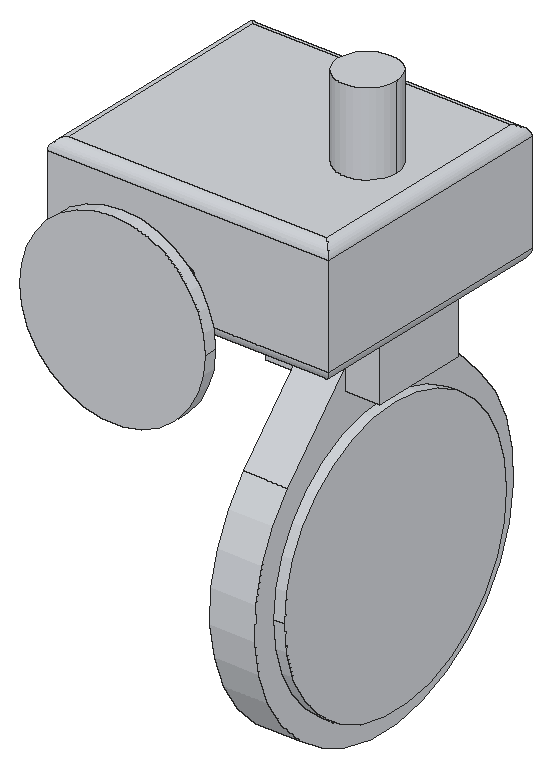
Revit family "M_Válvula de controle do motor - 200-300 mm", category Acessórios do tubo, Revit 2019
Family settings
  Cota do conector redondo = Usar raio
  Tipo de parte = Válvula - Quebra entre
  Número OmniClass = 23.65.55.14.17
  Título OmniClass = Adjusting/Controlling Valves for Liquid Services
  ID de item do Seek = Motor Control Valve - 200-300 mm-0000-CAN-ENU
  Com base no plano de trabalho = Não
  Sempre na vertical = Sim
  Corte com vazios quando carregada = Não
  Compartilhado = Não
Parameters (values of type "200 mm")
  Largura 2 = Raio da válvula - 38.1 mm  # 138.4 mm
  Largura 1 = 0.3 * Diâmetro da válvula  # 105.9 mm
  Raio da roda = Diâmetro da roda * 0.5  # 101.5 mm
  Deslocamento da roda = 241 mm
  Diâmetro da roda = 203 mm
  Espessura da válvula = 61 mm
  Raio da válvula = Diâmetro da válvula * 0.5  # 176.5 mm
  Material da válvula = none
  Diâmetro da válvula = 353 mm
  Largura do texto = 12.7 mm
  Altura do texto = 12.7 mm
  Largura do símbolo = 0.5 * Comprimento do atuador * tan(30.00°)  # 88.623 mm
  Raio 2 = 0 mm
  Raio 1 = Raio da válvula - 25.4 mm  # 151.1 mm
  Raio nominal = 100 mm
  Diâmetro nominal = Raio nominal * 2  # 200 mm
  K Coefficient = 0.46
  Altura 4 = Altura do atuador * 0.25  # 56 mm
  Altura 3 = 0.25 * Altura 1  # 60.25 mm
  Altura 2 = 0.6 * Altura do atuador  # 134.4 mm
  Altura 1 = 241 mm
  Material do atuador = none
  Comprimento do atuador = 307 mm
  Altura do atuador = 224 mm
Types (4, lengths in mm): name | Largura 2 | Largura 1 | Raio da roda | Diâmetro da roda | Espessura da válvula | Raio da válvula | Diâmetro da válvula | Raio 1 | Raio nominal | Diâmetro nominal | K Coefficient | Altura 3 | Altura 1
  (no name) | 138.4 | 105.9 | 101.5 | 203 | 61 | 176.5 | 353 | 151.1 | 100 | 200 | 0.46 | 60.25 | 241
  200 mm | 138.4 | 105.9 | 101.5 | 203 | 61 | 176.5 | 353 | 151.1 | 100 | 200 | 0.46 | 60.25 | 241
  250 mm | 179.4 | 130.5 | 152.5 | 305 | 70 | 217.5 | 435 | 192.1 | 125 | 250 | 0.48 | 68.25 | 273
  300 mm | 220.4 | 155.1 | 152.5 | 305 | 78 | 258.5 | 517 | 233.1 | 150 | 300 | 0.42 | 77.75 | 311
Reference planes
  plane 1 "Centro (Frente/Trás)": y = 0
  plane 2: z = 0
  plane 3 "Centro (Esquerda/Direita)": x = 0
  plane 4: x = -30.5
  plane 5: x = 30.5
  plane 6: x = 17.8
  plane 7: z = 241
  plane 8: z = 180.75
  plane 9: x = -68.6
  plane 10: x = 55.9
  plane 11: y = 52.95
  plane 12: y = -52.95
  plane 13: z = 375.4
  plane 14: z = 465
  plane 15: x = 68.6
  plane 16: x = -84.9
  plane 17: x = -238.4
  plane 18: y = -138.4
  plane 19: y = 138.4
  plane 20: y = -241
  plane 21: z = 297
  plane 22: y = -228.3
Forms (mm)
  Sweep 1, solid, material <- "Material da válvula", detail levels fine
    path origin (0, 0, 0) x (1, 0, 0) y (0, 1, 0)
      loop
        line (-30.5, 0) -> (17.8, 0)
    profile origin (-6.35, 0, 0) x (0, 1, 0) y (0, 0, 1)
      loop
        arc (-130.213, 119.151) -> (0, -176.5) -> (130.213, 119.151) r 176.5
        arc (130.213, 119.151) -> (85.69, 163.858) -> (45.244, 212.284) r 721.592
        line (45.244, 212.284) -> (-45.244, 212.284)
        arc (-45.244, 212.284) -> (-85.69, 163.858) -> (-130.213, 119.151) r 721.592
  Sweep 2, solid, material <- "Material da válvula", detail levels fine
    path origin (0, 0, 0) x (1, 0, 0) y (0, 1, 0)
      loop
        line (17.8, 0) -> (30.5, 0)
    profile origin (24.15, 0, 0) x (0, 1, 0) y (0, 0, 1)
      loop
        circle (0, 0) r 151.1
  Extrusion 3, solid, material <- "Material da válvula", detail levels fine
    sketch origin (0, 0, 0) x (1, 0, 0) y (0, 0, 1)
      loop
        line (-68.6, 241) -> (-68.6, 180.75) -> (55.9, 180.75) -> (55.9, 241) -> (-68.6, 241)
    from -52.95 to 52.95
  Sweep 4, solid, material <- "Material do atuador", detail levels fine
    path origin (0, 0, 0) x (1, 0, 0) y (0, 1, 0)
      loop
        line (-238.4, 138.4) -> (-238.4, -138.4) -> (68.6, -138.4) -> (68.6, 138.4) -> (-238.4, 138.4)
    profile origin (-84.9, 138.4, 0) x (0, 1, 0) y (0, 0, 1)
      loop
        line (-12.7, 375.4) -> (-136.083, 375.4) -> (-136.083, 241) -> (-12.7, 241)
        arc (-12.7, 241) -> (-3.72, 244.72) -> (0, 253.7) r 12.7
        line (0, 253.7) -> (0, 362.7)
        arc (0, 362.7) -> (-3.72, 371.68) -> (-12.7, 375.4) r 12.7
  Extrusion 5, solid, material <- "Material do atuador", detail levels fine
    sketch origin (0, 0, 0) x (1, 0, 0) y (0, 1, 0)
      loop
        line (-102.317, 2.317) -> (-102.317, -2.317) -> (-67.483, -2.317) -> (-67.483, 2.317) -> (-102.317, 2.317)
    from 241 to 375.4
  Sweep 6, solid, material <- "Material do atuador", detail levels fine
    path origin (0, 0, 0) x (0, 1, 0) y (0, 0, 1)
      loop
        line (0, 465) -> (0, 375.4)
    profile origin (0, 0, 420.2) x (1, 0, 0) y (0, 1, 0)
      loop
        circle (0, 0) r 31.75
  Extrusion 7, solid, material <- "Material do atuador", detail levels fine
    sketch origin (0, 0, 0) x (1, 0, 0) y (0, 0, 1)
      loop
        circle (-84.9, 297) r 6.35
    from 52.95 to 228.3
  Extrusion 8, solid, material <- "Material do atuador", detail levels fine
    sketch origin (0, 0, 0) x (1, 0, 0) y (0, 0, 1)
      loop
        circle (-84.9, 297) r 101.5
    from 228.3 to 241
Cuts and joins
  joined: Sweep 1, Extrusion 3
  joined: Sweep 4, Extrusion 5, Sweep 6, Extrusion 7, Extrusion 8
Lines and regions (mm)
  model lines, detail levels coarse+medium
    curve 1: line (-30.5, 17.609, 0) -> (-30.5, -17.609, 0)
    curve 2: line (30.5, 17.609, 0) -> (30.5, -17.609, 0)
    curve 3: line (0, 0, 0) -> (-30.5, 17.609, 0)
    curve 4: line (0, 0, 0) -> (-30.5, -17.609, 0)
    curve 5: line (0, 0, 0) -> (30.5, 17.609, 0)
    curve 6: line (0, 0, 0) -> (30.5, -17.609, 0)
    curve 7: line (0, 0, 0) -> (0, 28.529, 0)
    curve 8: circle (0, 41.229, 0) r 12.7 normal (0, 0, 1)
Dimensions and locks
  equal spacing: plane 4, plane 3 "Centro (Esquerda/Direita)", plane 5
  "Espessura da válvula": plane 4 to plane 5
  locked: plane 6 to plane 5 at 12.7
  locked: level to plane 2 at 0
  "Altura 1": plane 7 to plane 2
  "Altura 3": plane 7 to plane 8
  locked: plane 4 to plane 9 at 38.1
  locked: plane 10 to plane 6 at 38.1
  equal spacing: plane 11, plane 1 "Centro (Frente/Trás)", plane 12
  "Largura 1": plane 11 to plane 12
  "Altura do atuador": plane 14 to plane 7
  "Altura 2": plane 13 to plane 7
  locked: plane 15 to plane 5 at 38.1
  equal spacing: plane 15, plane 16, plane 17
  "Comprimento do atuador": plane 15 to plane 17
  equal spacing: plane 18, plane 1 "Centro (Frente/Trás)", plane 19
  "Deslocamento da roda": plane 20 to plane 1 "Centro (Frente/Trás)"
  "Largura 2": plane 18 to plane 1 "Centro (Frente/Trás)"
  "Altura 4": plane 21 to plane 7
  locked: plane 20 to plane 22 at 12.7
  locked: connector elem to plane 2 at 0
  locked: connector elem to plane 1 "Centro (Frente/Trás)" at 0
  "Raio da válvula": radius of Sweep 1 sketch curve
  "Raio 1": radius of Sweep 2 sketch curve
  radius of Sweep 6 sketch curve = 31.75 mm
  "Raio da roda": radius of Extrusion 8 sketch curve
  angle curve 3 to plane 1 "Centro (Frente/Trás)" to curve 4 = 30.00° locked, 30.00°
  angle curve 6 to plane 1 "Centro (Frente/Trás)" to curve 5 = 30.00°, 30.00° locked
  aligned and locked: plane 4 to Sweep 1 sketch curve
  aligned and locked: plane 6 to Sweep 1 sketch curve
  aligned and locked: plane 1 "Centro (Frente/Trás)" to Sweep 1 sketch curve  (x2)
  aligned and locked: plane 2 to Sweep 1 sketch curve
  aligned and locked: plane 1 "Centro (Frente/Trás)" to Sweep 2 sketch curve  (x2)
  aligned and locked: plane 5 to Sweep 2 sketch curve
  aligned and locked: plane 6 to Sweep 2 sketch curve
  aligned and locked: plane 2 to Sweep 2 sketch curve
  aligned and locked: plane 9 to Extrusion 3 sketch curve
  aligned and locked: Extrusion 3 sketch curve to plane 7
  aligned and locked: plane 8 to Extrusion 3 sketch curve
  aligned and locked: Extrusion 3 sketch curve to plane 10
  aligned and locked: Extrusion 3 to plane 11
  aligned and locked: plane 12 to Extrusion 3
  aligned and locked: plane 17 to Sweep 4 sketch curve
  aligned and locked: Sweep 4 sketch curve to plane 19  (x2)
  aligned and locked: plane 18 to Sweep 4 sketch curve
  aligned and locked: Sweep 4 sketch curve to plane 15
  aligned and locked: Sweep 4 sketch curve to plane 13
  aligned and locked: plane 7 to Sweep 4 sketch curve
  aligned and locked: Extrusion 5 sketch curve to Sweep 4  (x3)
  aligned and locked: Sweep 4 to Extrusion 5 sketch curve
  aligned and locked: plane 13 to Extrusion 5
  aligned and locked: Extrusion 5 to plane 7
  aligned and locked: plane 14 to Sweep 6 sketch curve
  aligned and locked: plane 13 to Sweep 6 sketch curve
  aligned and locked: plane 1 "Centro (Frente/Trás)" to Sweep 6 sketch curve
  aligned and locked: profile plane to plane 3 "Centro (Esquerda/Direita)"
  aligned and locked: profile plane to plane 1 "Centro (Frente/Trás)"
  aligned and locked: plane 16 to Extrusion 7 sketch curve
  aligned and locked: plane 21 to Extrusion 7 sketch curve
  aligned and locked: plane 16 to Extrusion 8 sketch curve
  aligned and locked: plane 21 to Extrusion 8 sketch curve
  aligned and locked: Extrusion 8 to plane 20
  aligned and locked: plane 22 to Extrusion 8
  aligned and locked: Extrusion 7 to Extrusion 8
  aligned and locked: Extrusion 7 to plane 12
  aligned and locked: curve 1 to plane 4
  aligned and locked: curve 2 to plane 5
  aligned and locked: plane 3 "Centro (Esquerda/Direita)" to curve 7
  aligned and locked: curve 7 to curve 8
  aligned and locked: plane 3 "Centro (Esquerda/Direita)" to nested 1
  aligned and locked: nested 1 to curve 8
Automatic sketch dimensions
  profile plane to Sweep 1 sketch curve = 45.244 mm
  Sweep 1 sketch curve to Sweep 1 sketch curve = 84.969 mm  (x2)
  profile plane to Sweep 1 sketch curve = 618.762 mm
  Sweep 1 sketch curve to profile plane = 45.244 mm
  Sweep 1 sketch curve to profile plane = 618.762 mm
  Sweep 1 sketch curve to Sweep 1 sketch curve = 93.133 mm
  Sweep 1 sketch curve to Sweep 1 sketch curve = 0 mm
  profile plane to Sweep 4 sketch curve = 12.7 mm  (x2)
  profile plane to Sweep 4 sketch curve = 136.083 mm
  Sweep 6 sketch curve to plane 3 "Centro (Esquerda/Direita)" = 0 mm
  Sweep 6 sketch curve to profile plane = 0 mm
  curve 3 to plane 1 "Centro (Frente/Trás)" = 0 mm
  curve 7 to curve 8 = 12.7 mm
  radius of Extrusion 7 sketch curve = 6.35 mm
Nested families
  nested 1: "M_M" at (0, 41.229, 0), type "M", detail levels coarse+medium
Connectors
  piping at (-30.5, 0, 0), diameter 200, driven by "Raio nominal"
    settings: on Sweep 1, index 1, connector inside diameter 200 mm, connector length 0 mm, flow factor 0, pipe flow 0.0 L/s, pressure drop 0.0 Pa, fitting loss kfactor 0, connector angle 0.00°, fixture units 0, engagement length 0 mm, angle of deflection 0.00°, flow configuration 0, flow direction 0, fitting loss method 2, system type 29, joint type 0, gender type 0, connector reference index 2, connector utility 0, adjustable connector no, is connector primary yes, connector description ""
  piping at (30.5, 0, 0), diameter 200, driven by "Raio nominal", driven by "K Coefficient"
    settings: on Sweep 2, index 2, connector inside diameter 200 mm, connector length 0 mm, flow factor 0, pipe flow 0.0 L/s, pressure drop 0.0 Pa, fitting loss kfactor 0.46, connector angle 0.00°, fixture units 0, engagement length 0 mm, angle of deflection 0.00°, flow configuration 0, flow direction 0, fitting loss method 2, system type 29, joint type 0, gender type 0, connector reference index 1, connector utility 0, adjustable connector no, is connector primary no, connector description ""
  electrical at (0, 0, 465)
    settings: on cut or joined group of Sweep 4, Extrusion 5, Sweep 6, Extrusion 7, Extrusion 8, index 3, voltage 0 V, apparent load 0 VA, apparent load phase1 0 VA, apparent load phase2 0 VA, apparent load phase3 0 VA, power factor 1, load classification "Outros", number of poles 1, system type 13, power factor state 1, is connector primary yes, connector utility no, sub classification motor no, connector description ""
Definition of nested family "M_M"
  Parameters
    Largura do texto = 12.7 mm
    Altura do texto = 12.7 mm
    Assembly Code = ""
  Reference planes
    plane 1 "Centro (Frente/Trás)": y = 0
    plane 2: z = 0
    plane 3 "Centro (Esquerda/Direita)": x = 0
    plane 4: y = 6.35
    plane 5: y = -6.35
    plane 6: x = -6.35
    plane 7: x = 6.35
  Lines and regions (mm)
    model lines
      curve 1: line (-6.35, 6.35, 0) -> (-6.35, -6.35, 0)
      curve 2: line (-6.35, 6.35, 0) -> (0, 0, 0)
      curve 3: line (0, 0, 0) -> (6.35, 6.35, 0)
      curve 4: line (6.35, 6.35, 0) -> (6.35, -6.35, 0)
  Dimensions and locks
    equal spacing: plane 6, plane 3 "Centro (Esquerda/Direita)", plane 7
    equal spacing: plane 4, plane 1 "Centro (Frente/Trás)", plane 5
    "Largura do texto": plane 6 to plane 7
    "Altura do texto": plane 4 to plane 5
    aligned and locked: curve 1 to plane 6
    aligned and locked: curve 4 to plane 7
    aligned and locked: plane 4 to curve 2
    aligned and locked: plane 5 to curve 1
    aligned and locked: plane 5 to curve 4
    aligned and locked: plane 4 to curve 4
    aligned and locked: plane 1 "Centro (Frente/Trás)" to curve 3
  Automatic sketch dimensions
    curve 3 to plane 3 "Centro (Esquerda/Direita)" = 0 mm
